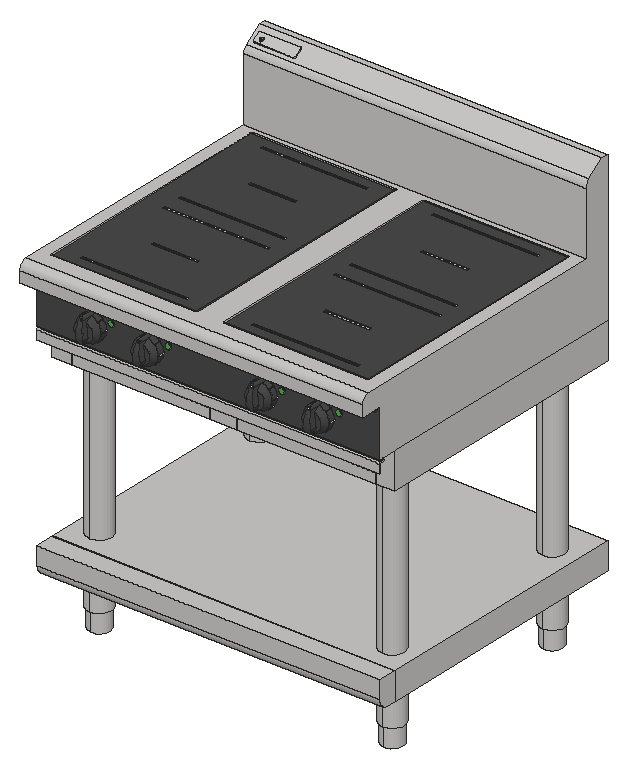
Revit family "QF_Moffat_INB8400R3-LS_Induction_Cooktop_cat", category Specialty Equipment, Revit 2019
Family settings
  Round Connector Dimension = Use Diameter
  Part Type = Normal
  Work Plane-Based = No
  Always vertical = Yes
  Cut with Voids When Loaded = No
  Shared = No
  Room Calculation Point = No
Parameters (values of type "INB8400R3-LS_415/60/3")
  Weight in Kilograms = 105
  Watts = 14000 W
  Volts = 415 V
  URL Cutsheet = ""
  Specification by User = ""
  Specification by Manufacturer = ""
  Show Logo [instance] = yes
  Serial Number = ""
  Seismic Rating = ""
  SMACNA No = ""
  Revision Code = ""
  Phase = 3
  Number of Poles = 1
  NAFEM Spec ID Number = ""
  Model = "INB8400R3-LS"
  Min Ckt Ampacity = 0 A
  Max Overcurrent Protection = 0 A
  Masterspec = ""
  Manufacturer = "Moffat"
  Length = 900 mm
  Item Number = ""
  Installed By = ""
  Identify Quantity as Lot = yes
  Height = 1130 mm
  HP = ""
  Furnished By = ""
  Foodservice Equipment Identifier = yes
  FL Amps = 20 A
  Electrical Remarks = ""
  Electric Connection Type = ""
  Elec Conn RI Height = 0 mm
  Elec Conn Connection Height = 0 mm
  Description = "Induction Cooktop"
  Depth = 805 mm
  Cycle = 60 Hz
  Conn Plug = ""
  Conn Conduit = yes
  CSI MasterFormat = ""
  Apparent Power = if(Phase = 3, Volts * FL Amps * 1.73, Volts * FL Amps)  # 14359 VA
Reference planes
  plane 1 "BACK": y = 0
  plane 2: z = 0
  plane 3 "LEFT": x = 0
  plane 4 "RIGHT": x = 900
  plane 5 "FRONT": y = -805
  plane 6 "TOP": z = 1130
  plane 7 "Center Y": x = 450
  plane 8 "Center X": y = -402.5
  plane 9: x = 65.5
  plane 10: x = 834.5
  plane 11: y = -30
  plane 12: z = 150
  plane 13: y = -100
  plane 14: y = -625
  plane 15: y = -70
  plane 16: z = 915
  plane 17: x = 770
Forms (mm)
  Extrusion 1, solid, material "QF_Metal_Stainless_Polished"
    sketch origin (0, 0, 560) x (0, 1, 0) y (0, 0, 1)
      loop
        line (0, 180) -> (0, 570) -> (-18.182, 570) -> (-60.863, 538.99)
        arc (-60.863, 538.99) -> (-67.584, 531.121) -> (-70, 521.058) r 22.165
        line (-70, 521.058) -> (-70, 355) -> (-784.417, 355)
        arc (-784.417, 355) -> (-798.971, 348.971) -> (-805, 334.417) r 20.583
        line (-805, 334.417) -> (-805, 305) -> (-749, 305) -> (-749, 180) -> (0, 180)
    from 0 to 900
  Extrusion 2, void
    sketch origin (0, -784.171, 915) x (0, 1, 0) y (-1, 0, 0)
      loop
        arc (699.341, -37.323) -> (697.584, -33.08) -> (693.341, -31.323) r 6
        line (693.341, -31.323) -> (45.245, -31.323)
        arc (45.245, -31.323) -> (41.002, -33.08) -> (39.245, -37.323) r 6
        line (39.245, -37.323) -> (39.245, -410.105)
        arc (39.245, -410.105) -> (41.002, -414.347) -> (45.245, -416.105) r 6
        line (45.245, -416.105) -> (693.341, -416.105)
        arc (693.341, -416.105) -> (697.584, -414.347) -> (699.341, -410.105) r 6
        line (699.341, -410.105) -> (699.341, -37.323)
      loop
        line (699.341, -862.677) -> (699.341, -489.895)
        arc (699.341, -489.895) -> (697.584, -485.653) -> (693.341, -483.895) r 6
        line (693.341, -483.895) -> (45.245, -483.895)
        arc (45.245, -483.895) -> (41.002, -485.653) -> (39.245, -489.895) r 6
        line (39.245, -489.895) -> (39.245, -862.677)
        arc (39.245, -862.677) -> (41.002, -866.92) -> (45.245, -868.677) r 6
        line (45.245, -868.677) -> (693.341, -868.677)
        arc (693.341, -868.677) -> (697.584, -866.92) -> (699.341, -862.677) r 6
    from 0 to -9.5
  Extrusion 3, solid, material "QF_Plastic_Black_Smooth"
    sketch origin (0, -784.171, 915) x (0, 1, 0) y (-1, 0, 0)
      loop
        line (695.341, -410.105) -> (695.341, -37.323)
        arc (695.341, -37.323) -> (694.755, -35.908) -> (693.341, -35.323) r 2
        line (693.341, -35.323) -> (45.245, -35.323)
        arc (45.245, -35.323) -> (43.831, -35.908) -> (43.245, -37.323) r 2
        line (43.245, -37.323) -> (43.245, -410.105)
        arc (43.245, -410.105) -> (43.831, -411.519) -> (45.245, -412.105) r 2
        line (45.245, -412.105) -> (693.341, -412.105)
        arc (693.341, -412.105) -> (694.755, -411.519) -> (695.341, -410.105) r 2
      loop
        line (667.194, -86.598) -> (661.194, -86.598) -> (661.194, -363.75) -> (667.194, -363.75) -> (667.194, -86.598)
      loop
        line (526.611, -163.924) -> (526.611, -283.924) -> (532.611, -283.924) -> (532.611, -163.924) -> (526.611, -163.924)
      loop
        line (398.444, -86.598) -> (392.444, -86.598) -> (392.444, -363.75) -> (398.444, -363.75) -> (398.444, -86.598)
      loop
        line (345.944, -86.598) -> (339.944, -86.598) -> (339.944, -363.75) -> (345.944, -363.75) -> (345.944, -86.598)
      loop
        line (206.611, -163.924) -> (206.611, -283.924) -> (212.611, -283.924) -> (212.611, -163.924) -> (206.611, -163.924)
      loop
        line (77.194, -86.598) -> (71.194, -86.598) -> (71.194, -363.75) -> (77.194, -363.75) -> (77.194, -86.598)
      loop
        arc (695.341, -489.895) -> (694.755, -488.481) -> (693.341, -487.895) r 2
        line (693.341, -487.895) -> (45.245, -487.895)
        arc (45.245, -487.895) -> (43.831, -488.481) -> (43.245, -489.895) r 2
        line (43.245, -489.895) -> (43.245, -862.677)
        arc (43.245, -862.677) -> (43.831, -864.092) -> (45.245, -864.677) r 2
        line (45.245, -864.677) -> (693.341, -864.677)
        arc (693.341, -864.677) -> (694.755, -864.092) -> (695.341, -862.677) r 2
        line (695.341, -862.677) -> (695.341, -489.895)
      loop
        line (667.194, -813.402) -> (667.194, -536.25) -> (661.194, -536.25) -> (661.194, -813.402) -> (667.194, -813.402)
      loop
        line (526.611, -736.076) -> (532.611, -736.076) -> (532.611, -616.076) -> (526.611, -616.076) -> (526.611, -736.076)
      loop
        line (398.444, -813.402) -> (398.444, -536.25) -> (392.444, -536.25) -> (392.444, -813.402) -> (398.444, -813.402)
      loop
        line (345.944, -813.402) -> (345.944, -536.25) -> (339.944, -536.25) -> (339.944, -813.402) -> (345.944, -813.402)
      loop
        line (206.611, -736.076) -> (212.611, -736.076) -> (212.611, -616.076) -> (206.611, -616.076) -> (206.611, -736.076)
      loop
        line (77.194, -813.402) -> (77.194, -536.25) -> (71.194, -536.25) -> (71.194, -813.402) -> (77.194, -813.402)
    from 0 to -9.5
  Extrusion 4, solid, material "QF_Metal_Stainless_Polished"
    sketch origin (0, 0, 600) x (0, 1, 0) y (0, 0, 1)
      loop
        line (-739.467, 140) -> (-738.192, 134.838)
        arc (-738.192, 134.838) -> (-738.307, 134.302) -> (-738.799, 134.063) r 0.625
        line (-738.799, 134.063) -> (-746.111, 134.063)
        arc (-746.111, 134.063) -> (-748.011, 133.276) -> (-748.797, 131.377) r 2.686
        line (-748.797, 131.377) -> (-748.797, 107.627) -> (-747.197, 107.627) -> (-747.197, 131.242)
        arc (-747.197, 131.242) -> (-746.84, 132.105) -> (-745.976, 132.463) r 1.221
        line (-745.976, 132.463) -> (-738.755, 132.463)
        arc (-738.755, 132.463) -> (-737.028, 133.304) -> (-736.625, 135.182) r 2.194
        line (-736.625, 135.182) -> (-737.815, 140) -> (-739.467, 140)
    from 0 to 900
  Extrusion 5, solid, material "QF_Plastic_Black_Smooth"
    sketch origin (0, -749, 741.875) x (0, 0, 1) y (-1, 0, 0)
      loop
        circle (112.843, -13.157) r 5
      loop
        circle (112.843, -886.843) r 5
    from 0 to 1.6
  Extrusion 6, solid, material "QF_Metal_Stainless_Polished"
    sketch origin (450, -699, 645) x (0, 1, 0) y (1, 0, 0)
      loop
        circle (669, 320) r 6.35
    from 0 to 10
  Extrusion 7, solid, material "QF_Metal_Stainless_Polished"
    sketch origin (0, -699, 645) x (1, 0, 0) y (0, -1, 0)
      loop
        line (0, -699) -> (900, -699) -> (900, 0) -> (849.2, 0) -> (849.2, -25.4) -> (485.8, -25.4) -> (485.8, 0) -> (414.2, 0) -> (414.2, -25.4) -> (50.8, -25.4) -> (50.8, 0) -> (0, 0) -> (0, -699)
    from 0 to -95
  Extrusion 8, solid, material "QF_Metal_Stainless_Polished"
    sketch origin (50.8, -30, 645) x (0, 1, 0) y (0, 0, 1)
      loop
        line (-669, 0) -> (-643.6, 0) -> (-643.6, 26.45) -> (-669, 26.45) -> (-669, 0)
      loop
        line (-669, 32.45) -> (-643.6, 32.45) -> (-643.6, 66.4) -> (-669, 66.4) -> (-669, 32.45)
      loop
        line (-669, 67.4) -> (-643.6, 67.4) -> (-643.6, 95) -> (-669, 95) -> (-669, 67.4)
    from 0 to 363.4
  Extrusion 9, solid, material "QF_Metal_Stainless_Polished"
    sketch origin (900, 0, 560) x (-1, 0, 0) y (0, -1, 0)
      loop
        line (536.25, 122.976) -> (536.25, 116.976) -> (813.402, 116.976) -> (813.402, 122.976) -> (536.25, 122.976)
      loop
        line (736.076, 251.56) -> (736.076, 257.56) -> (616.076, 257.56) -> (616.076, 251.56) -> (736.076, 251.56)
      loop
        line (813.402, 385.726) -> (813.402, 391.726) -> (536.25, 391.726) -> (536.25, 385.726) -> (813.402, 385.726)
      loop
        line (813.402, 438.226) -> (813.402, 444.226) -> (536.25, 444.226) -> (536.25, 438.226) -> (813.402, 438.226)
      loop
        line (736.076, 571.56) -> (736.076, 577.56) -> (616.076, 577.56) -> (616.076, 571.56) -> (736.076, 571.56)
      loop
        line (536.25, 712.976) -> (536.25, 706.976) -> (813.402, 706.976) -> (813.402, 712.976) -> (536.25, 712.976)
      loop
        line (363.75, 122.976) -> (86.598, 122.976) -> (86.598, 116.976) -> (363.75, 116.976) -> (363.75, 122.976)
      loop
        line (163.924, 251.56) -> (283.924, 251.56) -> (283.924, 257.56) -> (163.924, 257.56) -> (163.924, 251.56)
      loop
        line (86.598, 385.726) -> (363.75, 385.726) -> (363.75, 391.726) -> (86.598, 391.726) -> (86.598, 385.726)
      loop
        line (86.598, 438.226) -> (363.75, 438.226) -> (363.75, 444.226) -> (86.598, 444.226) -> (86.598, 438.226)
      loop
        line (163.924, 571.56) -> (283.924, 571.56) -> (283.924, 577.56) -> (163.924, 577.56) -> (163.924, 571.56)
      loop
        line (363.75, 712.976) -> (86.598, 712.976) -> (86.598, 706.976) -> (363.75, 706.976) -> (363.75, 712.976)
    from 355 to 345.5
  Extrusion 10, solid, material "QF_Paint_Green"
    sketch origin (63.231, -748.999, 713.75) x (0, 0, 1) y (-1, 0, 0)
      loop
        circle (100.3, -282.5) r 7.15
    from 0 to 1.6
  Extrusion 11, solid, material "QF_Plastic_Black_Smooth"
    sketch origin (75, -748.999, 725.625) x (0, 0, 1) y (-1, 0, 0)
      loop
        circle (112.843, -225) r 5
    from 0 to 1.6
  Extrusion 12, solid, material "QF_Paint_Green"
    sketch origin (-86.769, -748.999, 713.75) x (0, 0, 1) y (-1, 0, 0)
      loop
        circle (100.3, -282.5) r 7.15
    from 0 to 1.6
  Extrusion 13, solid, material "QF_Plastic_Black_Smooth"
    sketch origin (-75, -748.999, 725.625) x (0, 0, 1) y (-1, 0, 0)
      loop
        circle (112.843, -225) r 5
    from 0 to 1.6
  Extrusion 14, solid, material "QF_Paint_Green"
    sketch origin (511.981, -748.999, 713.75) x (0, 0, 1) y (-1, 0, 0)
      loop
        circle (100.3, -282.5) r 7.15
    from 0 to 1.6
  Extrusion 15, solid, material "QF_Plastic_Black_Smooth"
    sketch origin (523.75, -748.999, 725.625) x (0, 0, 1) y (-1, 0, 0)
      loop
        circle (112.843, -225) r 5
    from 0 to 1.6
  Extrusion 16, solid, material "QF_Paint_Green"
    sketch origin (361.981, -748.999, 713.75) x (0, 0, 1) y (-1, 0, 0)
      loop
        circle (100.3, -282.5) r 7.15
    from 0 to 1.6
  Extrusion 17, solid, material "QF_Plastic_Black_Smooth"
    sketch origin (373.75, -748.999, 725.625) x (0, 0, 1) y (-1, 0, 0)
      loop
        circle (112.843, -225) r 5
    from 0 to 1.6
  Extrusion 18, solid, material "QF_Metal_Stainless_Polished"
    sketch origin (849.2, -30, 645) x (0, 1, 0) y (0, 0, -1)
      loop
        line (-669, 0) -> (-669, -26.45) -> (-643.6, -26.45) -> (-643.6, 0) -> (-669, 0)
      loop
        line (-669, -32.45) -> (-669, -66.4) -> (-643.6, -66.4) -> (-643.6, -32.45) -> (-669, -32.45)
      loop
        line (-669, -67.4) -> (-669, -95) -> (-643.6, -95) -> (-643.6, -67.4) -> (-669, -67.4)
    from 0 to 363.4
Cuts and joins
  Extrusion 2 cuts Extrusion 1
Lines and regions (mm)
  symbolic lines
    curve 1: line (0, 0, 0) -> (900, 0, 0)
    curve 2: line (0, -805, 0) -> (0, 0, 0)
    curve 3: line (900, -805, 0) -> (0, -805, 0)
    curve 4: line (900, 0, 0) -> (900, -805, 0)
    curve 5: line (0, -18.182, 0) -> (900, -18.182, 0)
    curve 6: line (0, -70, 0) -> (450, -70, 0)
    curve 7: line (37.323, -84.83, 0) -> (410.105, -84.83, 0)
    curve 8: arc (410.105, -84.83, 0) -> (414.347, -86.587, 0) -> (416.105, -90.83, 0) r 6
    curve 9: line (416.105, -90.83, 0) -> (416.105, -738.926, 0)
    curve 10: arc (416.105, -738.926, 0) -> (414.347, -743.168, 0) -> (410.105, -744.926, 0) r 6
    curve 11: line (410.105, -744.926, 0) -> (37.323, -744.926, 0)
    curve 12: arc (37.323, -744.926, 0) -> (33.08, -743.168, 0) -> (31.323, -738.926, 0) r 6
    curve 13: line (31.323, -738.926, 0) -> (31.323, -90.83, 0)
    curve 14: arc (31.323, -90.83, 0) -> (33.08, -86.587, 0) -> (37.323, -84.83, 0) r 6
    curve 15: line (410.105, -88.83, 0) -> (37.323, -88.83, 0)
    curve 16: arc (37.323, -88.83, 0) -> (35.908, -89.415, 0) -> (35.323, -90.83, 0) r 2
    curve 17: line (35.323, -90.83, 0) -> (35.323, -738.926, 0)
    curve 18: arc (35.323, -738.926, 0) -> (35.908, -740.34, 0) -> (37.323, -740.926, 0) r 2
    curve 19: line (37.323, -740.926, 0) -> (410.105, -740.926, 0)
    curve 20: arc (410.105, -740.926, 0) -> (411.519, -740.34, 0) -> (412.105, -738.926, 0) r 2
    curve 21: line (412.105, -738.926, 0) -> (412.105, -90.83, 0)
    curve 22: arc (412.105, -90.83, 0) -> (411.519, -89.415, 0) -> (410.105, -88.83, 0) r 2
    curve 23: line (416.105, -738.926, 0) -> (416.105, -90.83, 0)
    curve 24: line (412.105, -90.83, 0) -> (412.105, -738.926, 0)
    curve 25: line (862.677, -84.83, 0) -> (489.895, -84.83, 0)
    curve 26: arc (489.895, -84.83, 0) -> (485.653, -86.587, 0) -> (483.895, -90.83, 0) r 6
    curve 27: arc (483.895, -738.926, 0) -> (485.653, -743.168, 0) -> (489.895, -744.926, 0) r 6
    curve 28: line (489.895, -744.926, 0) -> (862.677, -744.926, 0)
    curve 29: arc (862.677, -744.926, 0) -> (866.92, -743.168, 0) -> (868.677, -738.926, 0) r 6
    curve 30: line (868.677, -738.926, 0) -> (868.677, -90.83, 0)
    curve 31: arc (868.677, -90.83, 0) -> (866.92, -86.587, 0) -> (862.677, -84.83, 0) r 6
    curve 32: line (489.895, -88.83, 0) -> (862.677, -88.83, 0)
    curve 33: arc (862.677, -88.83, 0) -> (864.092, -89.415, 0) -> (864.677, -90.83, 0) r 2
    curve 34: line (864.677, -90.83, 0) -> (864.677, -738.926, 0)
    curve 35: arc (864.677, -738.926, 0) -> (864.092, -740.34, 0) -> (862.677, -740.926, 0) r 2
    curve 36: line (862.677, -740.926, 0) -> (489.895, -740.926, 0)
    curve 37: arc (489.895, -740.926, 0) -> (488.481, -740.34, 0) -> (487.895, -738.926, 0) r 2
    curve 38: arc (487.895, -90.83, 0) -> (488.481, -89.415, 0) -> (489.895, -88.83, 0) r 2
    curve 39: line (487.895, -90.83, 0) -> (487.895, -738.926, 0)
    curve 40: arc (487.895, -738.926, 0) -> (488.481, -740.34, 0) -> (489.895, -740.926, 0) r 2
    curve 41: line (489.895, -740.926, 0) -> (862.677, -740.926, 0)
    curve 42: arc (862.677, -740.926, 0) -> (864.092, -740.34, 0) -> (864.677, -738.926, 0) r 2
    curve 43: line (864.677, -738.926, 0) -> (864.677, -90.83, 0)
    curve 44: arc (864.677, -90.83, 0) -> (864.092, -89.415, 0) -> (862.677, -88.83, 0) r 2
    curve 45: line (862.677, -88.83, 0) -> (489.895, -88.83, 0)
    curve 46: arc (489.895, -88.83, 0) -> (488.481, -89.415, 0) -> (487.895, -90.83, 0) r 2
    curve 47: line (483.895, -90.83, 0) -> (483.895, -738.926, 0)
    curve 48: arc (483.895, -738.926, 0) -> (485.653, -743.168, 0) -> (489.895, -744.926, 0) r 6
    curve 49: line (489.895, -744.926, 0) -> (862.677, -744.926, 0)
    curve 50: arc (862.677, -744.926, 0) -> (866.92, -743.168, 0) -> (868.677, -738.926, 0) r 6
    curve 51: line (868.677, -738.926, 0) -> (868.677, -90.83, 0)
    curve 52: arc (868.677, -90.83, 0) -> (866.92, -86.587, 0) -> (862.677, -84.83, 0) r 6
    curve 53: line (862.677, -84.83, 0) -> (489.895, -84.83, 0)
    curve 54: arc (489.895, -84.83, 0) -> (485.653, -86.587, 0) -> (483.895, -90.83, 0) r 6
    curve 55: line (86.598, -122.976, 0) -> (363.75, -122.976, 0)
    curve 56: line (363.75, -122.976, 0) -> (363.75, -116.976, 0)
    curve 57: line (363.75, -116.976, 0) -> (86.598, -116.976, 0)
    curve 58: line (86.598, -116.976, 0) -> (86.598, -122.976, 0)
    curve 59: line (283.924, -251.56, 0) -> (163.924, -251.56, 0)
    curve 60: line (163.924, -251.56, 0) -> (163.924, -257.56, 0)
    curve 61: line (163.924, -257.56, 0) -> (283.924, -257.56, 0)
    curve 62: line (283.924, -257.56, 0) -> (283.924, -251.56, 0)
    curve 63: line (536.25, -122.976, 0) -> (813.402, -122.976, 0)
    curve 64: line (813.402, -122.976, 0) -> (813.402, -116.976, 0)
    curve 65: line (813.402, -116.976, 0) -> (536.25, -116.976, 0)
    curve 66: line (536.25, -116.976, 0) -> (536.25, -122.976, 0)
    curve 67: line (736.076, -251.56, 0) -> (616.076, -251.56, 0)
    curve 68: line (616.076, -251.56, 0) -> (616.076, -257.56, 0)
    curve 69: line (616.076, -257.56, 0) -> (736.076, -257.56, 0)
    curve 70: line (736.076, -257.56, 0) -> (736.076, -251.56, 0)
    curve 71: line (736.076, -571.56, 0) -> (616.076, -571.56, 0)
    curve 72: line (616.076, -571.56, 0) -> (616.076, -577.56, 0)
    curve 73: line (616.076, -577.56, 0) -> (736.076, -577.56, 0)
    curve 74: line (736.076, -577.56, 0) -> (736.076, -571.56, 0)
    curve 75: line (813.402, -706.976, 0) -> (536.25, -706.976, 0)
    curve 76: line (536.25, -706.976, 0) -> (536.25, -712.976, 0)
    curve 77: line (536.25, -712.976, 0) -> (813.402, -712.976, 0)
    curve 78: line (813.402, -712.976, 0) -> (813.402, -706.976, 0)
    curve 79: line (86.598, -712.976, 0) -> (363.75, -712.976, 0)
    curve 80: line (363.75, -712.976, 0) -> (363.75, -706.976, 0)
    curve 81: line (363.75, -706.976, 0) -> (86.598, -706.976, 0)
    curve 82: line (86.598, -706.976, 0) -> (86.598, -712.976, 0)
    curve 83: line (283.924, -577.56, 0) -> (163.924, -577.56, 0)
    curve 84: line (163.924, -577.56, 0) -> (163.924, -571.56, 0)
    curve 85: line (163.924, -571.56, 0) -> (283.924, -571.56, 0)
    curve 86: line (283.924, -571.56, 0) -> (283.924, -577.56, 0)
    curve 87: line (86.598, -444.226, 0) -> (363.75, -444.226, 0)
    curve 88: line (363.75, -444.226, 0) -> (363.75, -438.226, 0)
    curve 89: line (363.75, -438.226, 0) -> (86.598, -438.226, 0)
    curve 90: line (86.598, -438.226, 0) -> (86.598, -444.226, 0)
    curve 91: line (86.598, -391.726, 0) -> (363.75, -391.726, 0)
    curve 92: line (363.75, -391.726, 0) -> (363.75, -385.726, 0)
    curve 93: line (363.75, -385.726, 0) -> (86.598, -385.726, 0)
    curve 94: line (86.598, -385.726, 0) -> (86.598, -391.726, 0)
    curve 95: line (0, 0, 560) -> (900, 0, 560)
    curve 96: line (0, -805, 560) -> (0, 0, 560)
    curve 97: line (900, -805, 560) -> (0, -805, 560)
    curve 98: line (900, 0, 560) -> (900, -805, 560)
    curve 99: line (0, -18.182, 560) -> (900, -18.182, 560)
    curve 100: line (0, -70, 560) -> (900, -70, 560)
    curve 101: line (416.105, -90.83, 560) -> (416.105, -738.926, 560)
    curve 102: line (412.105, -738.926, 560) -> (412.105, -90.83, 560)
    curve 103: line (416.105, -738.926, 560) -> (416.105, -90.83, 560)
    curve 104: line (412.105, -90.83, 560) -> (412.105, -738.926, 560)
    curve 105: line (862.677, -84.83, 560) -> (489.895, -84.83, 560)
    curve 106: arc (483.895, -738.926, 560) -> (485.653, -743.168, 560) -> (489.895, -744.926, 560) r 6
    curve 107: line (489.895, -744.926, 560) -> (862.677, -744.926, 560)
    curve 108: arc (862.677, -744.926, 560) -> (866.92, -743.168, 560) -> (868.677, -738.926, 560) r 6
    curve 109: arc (864.677, -738.926, 560) -> (864.092, -740.34, 560) -> (862.677, -740.926, 560) r 2
    curve 110: line (862.677, -740.926, 560) -> (489.895, -740.926, 560)
    curve 111: arc (489.895, -740.926, 560) -> (488.481, -740.34, 560) -> (487.895, -738.926, 560) r 2
    curve 112: arc (487.895, -738.926, 560) -> (488.481, -740.34, 560) -> (489.895, -740.926, 560) r 2
    curve 113: line (489.895, -740.926, 560) -> (862.677, -740.926, 560)
    curve 114: arc (862.677, -740.926, 560) -> (864.092, -740.34, 560) -> (864.677, -738.926, 560) r 2
    curve 115: arc (483.895, -738.926, 560) -> (485.653, -743.168, 560) -> (489.895, -744.926, 560) r 6
    curve 116: line (489.895, -744.926, 560) -> (862.677, -744.926, 560)
    curve 117: arc (862.677, -744.926, 560) -> (866.92, -743.168, 560) -> (868.677, -738.926, 560) r 6
    curve 118: line (86.598, -122.976, 560) -> (363.75, -122.976, 560)
    curve 119: line (363.75, -122.976, 560) -> (363.75, -116.976, 560)
    curve 120: line (363.75, -116.976, 560) -> (86.598, -116.976, 560)
    curve 121: line (86.598, -116.976, 560) -> (86.598, -122.976, 560)
    curve 122: line (283.924, -251.56, 560) -> (163.924, -251.56, 560)
    curve 123: line (163.924, -251.56, 560) -> (163.924, -257.56, 560)
    curve 124: line (163.924, -257.56, 560) -> (283.924, -257.56, 560)
    curve 125: line (283.924, -257.56, 560) -> (283.924, -251.56, 560)
    curve 126: line (536.25, -122.976, 560) -> (813.402, -122.976, 560)
    curve 127: line (813.402, -122.976, 560) -> (813.402, -116.976, 560)
    curve 128: line (813.402, -116.976, 560) -> (536.25, -116.976, 560)
    curve 129: line (536.25, -116.976, 560) -> (536.25, -122.976, 560)
    curve 130: line (736.076, -251.56, 560) -> (616.076, -251.56, 560)
    curve 131: line (616.076, -251.56, 560) -> (616.076, -257.56, 560)
    curve 132: line (616.076, -257.56, 560) -> (736.076, -257.56, 560)
    curve 133: line (736.076, -257.56, 560) -> (736.076, -251.56, 560)
    curve 134: line (736.076, -571.56, 560) -> (616.076, -571.56, 560)
    curve 135: line (616.076, -571.56, 560) -> (616.076, -577.56, 560)
    curve 136: line (616.076, -577.56, 560) -> (736.076, -577.56, 560)
    curve 137: line (736.076, -577.56, 560) -> (736.076, -571.56, 560)
    curve 138: line (813.402, -706.976, 560) -> (536.25, -706.976, 560)
    curve 139: line (536.25, -706.976, 560) -> (536.25, -712.976, 560)
    curve 140: line (536.25, -712.976, 560) -> (813.402, -712.976, 560)
    curve 141: line (813.402, -712.976, 560) -> (813.402, -706.976, 560)
    curve 142: line (86.598, -712.976, 560) -> (363.75, -712.976, 560)
    curve 143: line (363.75, -712.976, 560) -> (363.75, -706.976, 560)
    curve 144: line (363.75, -706.976, 560) -> (86.598, -706.976, 560)
    curve 145: line (86.598, -706.976, 560) -> (86.598, -712.976, 560)
    curve 146: line (283.924, -577.56, 560) -> (163.924, -577.56, 560)
    curve 147: line (163.924, -577.56, 560) -> (163.924, -571.56, 560)
    curve 148: line (163.924, -571.56, 560) -> (283.924, -571.56, 560)
    curve 149: line (283.924, -571.56, 560) -> (283.924, -577.56, 560)
    curve 150: line (86.598, -444.226, 560) -> (363.75, -444.226, 560)
    curve 151: line (363.75, -444.226, 560) -> (363.75, -438.226, 560)
    curve 152: line (363.75, -438.226, 560) -> (86.598, -438.226, 560)
    curve 153: line (86.598, -438.226, 560) -> (86.598, -444.226, 560)
    curve 154: line (86.598, -391.726, 560) -> (363.75, -391.726, 560)
    curve 155: line (363.75, -391.726, 560) -> (363.75, -385.726, 560)
    curve 156: line (363.75, -385.726, 560) -> (86.598, -385.726, 560)
    curve 157: line (86.598, -385.726, 560) -> (86.598, -391.726, 560)
    curve 158: line (536.25, -391.726, 560) -> (813.402, -391.726, 560)
    curve 159: line (813.402, -391.726, 560) -> (813.402, -385.726, 560)
    curve 160: line (813.402, -385.726, 560) -> (536.25, -385.726, 560)
    curve 161: line (536.25, -385.726, 560) -> (536.25, -391.726, 560)
    curve 162: line (536.25, -444.226, 560) -> (813.402, -444.226, 560)
    curve 163: line (813.402, -444.226, 560) -> (813.402, -438.226, 560)
    curve 164: line (813.402, -438.226, 560) -> (536.25, -438.226, 560)
    curve 165: line (536.25, -438.226, 560) -> (536.25, -444.226, 560)
Dimensions and locks
  equal spacing: plane 3 "LEFT", plane 7 "Center Y", plane 4 "RIGHT"
  "Length": plane 3 "LEFT" to plane 4 "RIGHT"
  equal spacing: plane 5 "FRONT", plane 8 "Center X", plane 1 "BACK"
  "Depth": plane 5 "FRONT" to plane 1 "BACK"
  "Height": plane 6 "TOP" to level
  plane 9 to plane 10 = 769 mm
  plane 4 "RIGHT" to plane 3 "LEFT" = 900 mm
  plane 6 "TOP" to plane 2 = 1130 mm
  plane 1 "BACK" to plane 11 = 30 mm
  plane 1 "BACK" to plane 13 to plane 14 = 100 mm, 525 mm
  plane 1 "BACK" to plane 15 = 70 mm
  plane 16 to level = 915 mm  (x2)
  level to plane 12 = 150 mm
  plane 12 to level = 150 mm
  plane 4 "RIGHT" to plane 17 = 130 mm
  plane 1 "BACK" to plane 5 "FRONT" = 805 mm
  locked: plane 10 to plane 4 "RIGHT" at 65.5
  aligned and locked: level to plane 2
  aligned and locked: plane 7 "Center Y" to nested 1
  aligned and locked: plane 8 "Center X" to nested 1
  aligned and locked: Extrusion 18 to Extrusion 7  (x2)
Automatic sketch dimensions
  Extrusion 1 sketch curve to plane 5 "FRONT" = 0 mm
  Extrusion 1 sketch curve to plane 16 = 0 mm
  Extrusion 1 sketch curve to plane 15 = 0 mm
  Extrusion 1 sketch curve to plane 6 "TOP" = 0 mm
  Extrusion 1 sketch curve to plane 1 "BACK" = 0 mm
  Extrusion 1 sketch curve to plane 5 "FRONT" = 20.583 mm
  Extrusion 1 sketch curve to plane 5 "FRONT" = 56 mm
  Extrusion 1 sketch curve to plane 15 = 9.137 mm
  plane 11 to Extrusion 1 sketch curve = 17.835 mm
  Extrusion 1 sketch curve to plane 11 = 11.818 mm
  Extrusion 1 sketch curve to Extrusion 1 sketch curve = 29.417 mm
  Extrusion 1 sketch curve to plane 16 = 175 mm
  Extrusion 1 sketch curve to plane 6 "TOP" = 48.942 mm
  Extrusion 2 sketch curve to Extrusion 1 = 39.492 mm  (x2)
  Extrusion 2 sketch curve to Extrusion 2 sketch curve = 6 mm  (x6)
  Extrusion 1 to Extrusion 2 sketch curve = 20.83 mm  (x4)
  Extrusion 1 to Extrusion 2 sketch curve = 31.323 mm
  Extrusion 2 sketch curve to Extrusion 2 sketch curve = 372.782 mm
  Extrusion 2 sketch curve to Extrusion 2 sketch curve = 67.791 mm
  Extrusion 1 to Extrusion 2 sketch curve = 37.323 mm
  Extrusion 4 sketch curve to plane 5 "FRONT" = 56.203 mm
  Extrusion 4 sketch curve to Extrusion 4 sketch curve = 1.6 mm
  Extrusion 4 sketch curve to Extrusion 4 sketch curve = 1.086 mm
  Extrusion 4 sketch curve to Extrusion 4 sketch curve = 0.135 mm  (x2)
  Extrusion 4 sketch curve to Extrusion 4 sketch curve = 6.644 mm
  Extrusion 4 sketch curve to Extrusion 4 sketch curve = 0.668 mm
  Extrusion 4 sketch curve to Extrusion 4 sketch curve = 0.044 mm
  Extrusion 4 sketch curve to Extrusion 4 sketch curve = 0.563 mm
  Extrusion 4 sketch curve to Extrusion 4 sketch curve = 1.652 mm
  Extrusion 4 sketch curve to Extrusion 4 sketch curve = 1.567 mm
  Extrusion 4 sketch curve to plane 16 = 207.373 mm
  Extrusion 4 sketch curve to Extrusion 4 sketch curve = 23.614 mm
  Extrusion 4 sketch curve to Extrusion 4 sketch curve = 0.594 mm
  Extrusion 4 sketch curve to Extrusion 4 sketch curve = 0.032 mm
  Extrusion 4 sketch curve to Extrusion 4 sketch curve = 5.162 mm
  Extrusion 1 to Extrusion 5 sketch curve = 10.282 mm  (x2)
  Extrusion 1 to Extrusion 5 sketch curve = 13.157 mm  (x2)
  Extrusion 12 sketch curve to plane 16 = 100.95 mm
  Extrusion 12 sketch curve to plane 9 = 130.231 mm
  Extrusion 13 sketch curve to plane 16 = 76.532 mm
  Extrusion 13 sketch curve to plane 9 = 84.5 mm
  plane 17 to Extrusion 14 sketch curve = 24.481 mm
  Extrusion 14 sketch curve to plane 16 = 100.95 mm
  Extrusion 15 sketch curve to plane 17 = 21.25 mm
  Extrusion 15 sketch curve to plane 16 = 76.532 mm
  Extrusion 16 sketch curve to plane 16 = 100.95 mm
  Extrusion 16 sketch curve to plane 17 = 125.519 mm
  plane 14 to Extrusion 18 sketch curve = 74 mm
  Extrusion 18 sketch curve to Extrusion 18 sketch curve = 0 mm  (x4)
  Extrusion 18 sketch curve to Extrusion 18 sketch curve = 25.4 mm
  Extrusion 18 sketch curve to plane 16 = 175 mm
  Extrusion 18 sketch curve to Extrusion 18 sketch curve = 27.6 mm
  Extrusion 18 sketch curve to Extrusion 18 sketch curve = 1 mm
  Extrusion 18 sketch curve to Extrusion 18 sketch curve = 33.95 mm
  Extrusion 18 sketch curve to Extrusion 18 sketch curve = 6 mm
  Extrusion 18 sketch curve to Extrusion 18 sketch curve = 26.45 mm
  Extrusion 3 sketch curve to Extrusion 1 = 43.492 mm  (x2)
  Extrusion 3 sketch curve to Extrusion 3 sketch curve = 2 mm  (x6)
  Extrusion 3 sketch curve to Extrusion 3 sketch curve = 25.949 mm  (x2)
  Extrusion 3 sketch curve to Extrusion 3 sketch curve = 6 mm  (x12)
  Extrusion 3 sketch curve to Extrusion 3 sketch curve = 129.416 mm  (x2)
  Extrusion 3 sketch curve to Extrusion 3 sketch curve = 127.334 mm  (x2)
  Extrusion 3 sketch curve to Extrusion 3 sketch curve = 46.5 mm  (x2)
  Extrusion 3 sketch curve to Extrusion 3 sketch curve = 128.166 mm  (x2)
  Extrusion 1 to Extrusion 3 sketch curve = 52.976 mm  (x2)
  Extrusion 1 to Extrusion 3 sketch curve = 20.83 mm  (x4)
  Extrusion 1 to Extrusion 3 sketch curve = 35.323 mm
  Extrusion 3 sketch curve to Extrusion 3 sketch curve = 49.275 mm  (x2)
  Extrusion 1 to Extrusion 3 sketch curve = 86.598 mm  (x4)
  Extrusion 3 sketch curve to Extrusion 3 sketch curve = 0 mm  (x4)
  Extrusion 3 sketch curve to Extrusion 3 sketch curve = 77.326 mm  (x2)
  Extrusion 3 sketch curve to Extrusion 3 sketch curve = 120 mm  (x4)
  Extrusion 3 sketch curve to Extrusion 3 sketch curve = 79.826 mm  (x5)
  Extrusion 3 sketch curve to Extrusion 3 sketch curve = 46.355 mm  (x3)
  Extrusion 3 sketch curve to Extrusion 3 sketch curve = 75.791 mm
  Extrusion 3 sketch curve to Extrusion 3 sketch curve = 172.5 mm
  Extrusion 1 to Extrusion 3 sketch curve = 37.323 mm
  curve 8 to curve 22 = 0 mm  (x2)
  curve 10 to curve 20 = 0 mm  (x2)
  curve 12 to curve 18 = 0 mm  (x2)
  curve 14 to curve 16 = 0 mm  (x2)
  curve 26 to curve 38 = 0 mm  (x2)
  curve 26 to curve 46 = 0 mm  (x2)
  curve 26 to curve 54 = 0 mm  (x2)
  curve 27 to curve 37 = 0 mm  (x2)
  curve 27 to curve 40 = 0 mm  (x2)
  curve 27 to curve 48 = 0 mm  (x2)
  curve 29 to curve 35 = 0 mm  (x2)
  curve 29 to curve 42 = 0 mm  (x2)
  curve 29 to curve 50 = 0 mm  (x2)
  curve 31 to curve 33 = 0 mm  (x2)
  curve 31 to curve 44 = 0 mm  (x2)
  curve 31 to curve 52 = 0 mm  (x2)
  curve 33 to curve 44 = 0 mm  (x2)
  curve 33 to curve 52 = 0 mm  (x2)
  curve 35 to curve 42 = 0 mm  (x2)
  curve 35 to curve 50 = 0 mm  (x2)
  curve 37 to curve 40 = 0 mm  (x2)
  curve 37 to curve 48 = 0 mm  (x2)
  curve 38 to curve 46 = 0 mm  (x2)
  curve 38 to curve 54 = 0 mm  (x2)
  curve 40 to curve 48 = 0 mm  (x2)
  curve 42 to curve 50 = 0 mm  (x2)
  curve 44 to curve 52 = 0 mm  (x2)
  curve 46 to curve 54 = 0 mm  (x2)
  plane 1 "BACK" to curve 1 = 0 mm
  curve 1 to plane 3 "LEFT" = 0 mm
  curve 6 to plane 7 "Center Y" = 0 mm
  curve 5 to plane 4 "RIGHT" = 0 mm
  plane 5 "FRONT" to curve 3 = 0 mm
  plane 15 to curve 6 = 0 mm
  plane 3 "LEFT" to curve 13 = 31.323 mm
  curve 13 to curve 17 = 4 mm
  curve 17 to curve 16 = 2 mm
  curve 17 to curve 18 = 2 mm
  curve 94 to plane 9 = 21.098 mm
  curve 57 to plane 9 = 21.098 mm
  curve 79 to plane 9 = 21.098 mm
  curve 87 to plane 9 = 21.098 mm
  curve 83 to plane 14 = 47.44 mm
  curve 83 to plane 9 = 98.424 mm
  curve 59 to plane 9 = 98.424 mm
  curve 60 to curve 61 = 120 mm
  curve 85 to plane 14 = 53.44 mm
  curve 84 to curve 85 = 120 mm
  curve 79 to plane 7 "Center Y" = 86.25 mm
  curve 88 to plane 8 "Center X" = 41.726 mm
  curve 88 to plane 7 "Center Y" = 86.25 mm
  plane 13 to curve 57 = 16.976 mm
  curve 57 to plane 7 "Center Y" = 86.25 mm
  plane 8 "Center X" to curve 93 = 16.774 mm
  curve 93 to curve 88 = 0 mm
  curve 10 to plane 7 "Center Y" = 39.895 mm
  curve 22 to plane 13 = 9.17 mm
  curve 22 to plane 7 "Center Y" = 39.895 mm
  curve 10 to curve 21 = 2 mm
  plane 7 "Center Y" to curve 47 = 33.895 mm
  curve 54 to curve 39 = 4 mm
  curve 38 to curve 45 = 2 mm
  curve 37 to curve 40 = 2 mm
  curve 27 to curve 77 = 46.355 mm
  plane 13 to curve 65 = 16.976 mm
  curve 38 to curve 65 = 46.355 mm
  curve 72 to plane 14 = 53.44 mm
  curve 72 to plane 17 = 153.924 mm
  curve 63 to curve 68 = 79.826 mm
  curve 70 to plane 17 = 33.924 mm
  curve 73 to plane 17 = 33.924 mm
  plane 10 to curve 65 = 21.098 mm
  plane 10 to curve 78 = 21.098 mm
  curve 33 to plane 13 = 9.17 mm
  curve 33 to plane 10 = 28.177 mm
  curve 50 to plane 10 = 28.177 mm
  curve 31 to curve 34 = 2 mm
  curve 28 to plane 5 "FRONT" = 60.074 mm
  curve 11 to plane 5 "FRONT" = 60.074 mm
  curve 29 to curve 77 = 25.949 mm
  curve 10 to curve 80 = 25.949 mm
  curve 79 to curve 82 = 6 mm
  curve 77 to curve 75 = 6 mm
  curve 73 to curve 71 = 6 mm
  curve 87 to curve 90 = 6 mm
  curve 92 to curve 92 = 6 mm
  plane 8 "Center X" to curve 68 = 144.94 mm
  plane 8 "Center X" to curve 61 = 144.94 mm
  curve 69 to curve 67 = 6 mm
  curve 61 to curve 62 = 6 mm
  curve 64 to curve 64 = 6 mm
  curve 55 to curve 57 = 6 mm
  curve 5 to plane 11 = 11.818 mm
  plane 8 "Center X" to curve 158 = 10.774 mm
  plane 7 "Center Y" to curve 158 = 86.25 mm
  curve 165 to curve 158 = 0 mm
  plane 10 to curve 159 = 21.098 mm
  plane 10 to curve 162 = 21.098 mm
  curve 163 to plane 8 "Center X" = 35.726 mm
  curve 165 to curve 164 = 6 mm
  curve 158 to curve 161 = 6 mm
  Extrusion 7 to Extrusion 6 sketch curve = 30 mm
  Extrusion 6 sketch curve to Extrusion 7 = 79.2 mm
  Extrusion 7 sketch curve to plane 3 "LEFT" = 0 mm
  Extrusion 7 sketch curve to plane 4 "RIGHT" = 0 mm
  plane 1 "BACK" to Extrusion 7 sketch curve = 0 mm
  plane 9 to Extrusion 7 sketch curve = 14.7 mm
  Extrusion 7 sketch curve to plane 7 "Center Y" = 35.8 mm
  plane 7 "Center Y" to Extrusion 7 sketch curve = 35.8 mm
  Extrusion 7 sketch curve to plane 10 = 14.7 mm
  plane 14 to Extrusion 7 sketch curve = 48.6 mm  (x2)
  Extrusion 7 sketch curve to Extrusion 7 sketch curve = 25.4 mm  (x3)
  Extrusion 8 sketch curve to Extrusion 7 = 0 mm  (x8)
  Extrusion 7 to Extrusion 8 sketch curve = 26.45 mm
  Extrusion 8 sketch curve to Extrusion 8 sketch curve = 6 mm
  Extrusion 7 to Extrusion 8 sketch curve = 28.6 mm
  Extrusion 8 sketch curve to Extrusion 8 sketch curve = 1 mm
  Extrusion 9 sketch curve to plane 10 = 21.098 mm  (x4)
  plane 17 to Extrusion 9 sketch curve = 33.924 mm  (x2)
  plane 14 to Extrusion 9 sketch curve = 47.44 mm
  Extrusion 9 sketch curve to Extrusion 9 sketch curve = 120 mm  (x2)
  plane 8 "Center X" to Extrusion 9 sketch curve = 41.726 mm  (x2)
  Extrusion 9 sketch curve to plane 7 "Center Y" = 86.25 mm  (x3)
  Extrusion 9 sketch curve to plane 8 "Center X" = 16.774 mm  (x2)
  Extrusion 9 sketch curve to Extrusion 9 sketch curve = 0 mm  (x2)
  Extrusion 9 sketch curve to plane 13 = 22.976 mm
  plane 7 "Center Y" to Extrusion 9 sketch curve = 86.25 mm  (x3)
  Extrusion 9 sketch curve to plane 13 = 16.976 mm
  plane 14 to Extrusion 9 sketch curve = 53.44 mm
  Extrusion 9 sketch curve to Extrusion 9 sketch curve = 79.826 mm  (x2)
  plane 9 to Extrusion 9 sketch curve = 98.424 mm  (x2)
  plane 9 to Extrusion 9 sketch curve = 21.098 mm  (x4)
  Extrusion 9 sketch curve to plane 14 = 81.976 mm  (x2)
  Extrusion 9 sketch curve to Extrusion 9 sketch curve = 6 mm  (x12)
  Extrusion 9 sketch curve to plane 8 "Center X" = 144.94 mm  (x2)
  Extrusion 10 sketch curve to plane 16 = 100.95 mm
  Extrusion 10 sketch curve to plane 7 "Center Y" = 104.269 mm
  Extrusion 11 sketch curve to plane 16 = 76.532 mm
  Extrusion 11 sketch curve to plane 7 "Center Y" = 150 mm
  Extrusion 17 sketch curve to plane 16 = 76.532 mm
  plane 7 "Center Y" to Extrusion 17 sketch curve = 148.75 mm
  curve 106 to curve 111 = 0 mm  (x2)
  curve 106 to curve 112 = 0 mm  (x2)
  curve 106 to curve 115 = 0 mm  (x2)
  curve 108 to curve 109 = 0 mm  (x2)
  curve 108 to curve 114 = 0 mm  (x2)
  curve 108 to curve 117 = 0 mm  (x2)
  curve 109 to curve 114 = 0 mm  (x2)
  curve 109 to curve 117 = 0 mm  (x2)
  curve 111 to curve 112 = 0 mm  (x2)
  curve 111 to curve 115 = 0 mm  (x2)
  curve 112 to curve 115 = 0 mm  (x2)
  curve 114 to curve 117 = 0 mm  (x2)
  plane 1 "BACK" to curve 95 = 0 mm
  curve 95 to plane 3 "LEFT" = 0 mm
  curve 98 to plane 4 "RIGHT" = 0 mm
  plane 5 "FRONT" to curve 97 = 0 mm
  plane 15 to curve 100 = 0 mm
  curve 153 to plane 9 = 21.098 mm
  curve 157 to plane 9 = 21.098 mm
  curve 145 to plane 9 = 21.098 mm
  curve 121 to plane 9 = 21.098 mm
  curve 148 to plane 9 = 98.424 mm
  curve 124 to plane 9 = 98.424 mm
  curve 123 to curve 125 = 120 mm
  curve 146 to plane 14 = 47.44 mm
  curve 146 to curve 146 = 120 mm
  plane 13 to curve 120 = 16.976 mm
  curve 120 to plane 7 "Center Y" = 86.25 mm
  curve 142 to plane 7 "Center Y" = 86.25 mm
  curve 152 to plane 8 "Center X" = 35.726 mm
  curve 152 to plane 7 "Center Y" = 86.25 mm
  plane 8 "Center X" to curve 154 = 10.774 mm
  curve 154 to curve 151 = 0 mm
  curve 104 to plane 7 "Center Y" = 37.895 mm
  curve 102 to curve 101 = 4 mm
  plane 7 "Center Y" to curve 107 = 39.895 mm
  plane 13 to curve 129 = 22.976 mm
  plane 7 "Center Y" to curve 129 = 86.25 mm
  curve 106 to curve 138 = 46.355 mm
  curve 135 to plane 14 = 53.44 mm
  curve 135 to plane 17 = 153.924 mm
  curve 126 to curve 130 = 79.826 mm
  curve 137 to plane 17 = 33.924 mm
  curve 133 to plane 17 = 33.924 mm
  plane 10 to curve 141 = 21.098 mm
  plane 10 to curve 128 = 21.098 mm
  curve 109 to plane 10 = 28.177 mm
  curve 116 to plane 5 "FRONT" = 60.074 mm
  curve 106 to curve 110 = 4 mm
  curve 110 to curve 117 = 2 mm
  curve 110 to curve 106 = 2 mm
  curve 104 to plane 5 "FRONT" = 66.074 mm
  curve 102 to curve 103 = 0 mm  (x2)
  curve 108 to curve 140 = 25.949 mm
  curve 102 to curve 143 = 25.949 mm
  curve 139 to curve 138 = 6 mm
  curve 142 to curve 144 = 6 mm
  curve 136 to curve 134 = 6 mm
  curve 146 to curve 148 = 6 mm
  curve 151 to curve 151 = 6 mm
  curve 154 to curve 157 = 6 mm
  plane 8 "Center X" to curve 132 = 144.94 mm
  plane 8 "Center X" to curve 125 = 144.94 mm
  curve 132 to curve 133 = 6 mm
  curve 124 to curve 122 = 6 mm
  curve 121 to curve 120 = 6 mm
  curve 126 to curve 128 = 6 mm
  curve 102 to plane 13 = 9.17 mm
  plane 15 to curve 105 = 14.83 mm
  plane 7 "Center Y" to curve 105 = 39.895 mm
  curve 105 to plane 10 = 28.177 mm
  curve 99 to plane 11 = 11.818 mm
  radius of Extrusion 5 sketch curve = 5 mm  (x2)
  radius of Extrusion 12 sketch curve = 7.15 mm
  radius of Extrusion 13 sketch curve = 5 mm
  radius of Extrusion 14 sketch curve = 7.15 mm
  radius of Extrusion 15 sketch curve = 5 mm
  radius of Extrusion 16 sketch curve = 7.15 mm
  radius of Extrusion 6 sketch curve = 6.35 mm
  radius of Extrusion 10 sketch curve = 7.15 mm
  radius of Extrusion 11 sketch curve = 5 mm
  radius of Extrusion 17 sketch curve = 5 mm
Nested families
  nested 1: "IN8400-LS_Leg Stand" at (0, 0, 0), type "IN511F-LS"
  nested 2: "QF_LOGO_Waldorf" at (12, -52.35, 1105.175), visible <- "Show Logo", type "QF_LOGO_Waldorf"
  nested 3: "Knob" at (267.5, -739.499, 760.75), type "Knob"
  nested 4: "Knob" at (117.5, -739.499, 760.75), type "Knob"
  nested 5: "Knob" at (716.25, -739.499, 760.75), type "Knob"
  nested 6: "Knob" at (566.25, -739.499, 760.75), type "Knob"
Connectors
  electrical at (770, -30, 635), driven by "Volts", driven by "Watts"
    settings: on Extrusion 6, index 5, voltage 415 V, apparent load 14000 VA, apparent load phase1 0 VA, apparent load phase2 0 VA, apparent load phase3 0 VA, power factor 1, load classification "Other", number of poles 1, system type 30, power factor state 1, is connector primary yes, connector utility no, sub classification motor no, connector description "ELEECTRICAL CONNECTION"
Definition of nested family "IN8400-LS_Leg Stand"
  Parameters (values of type "IN511F-LS")
    Model = ""
    Manufacturer = ""
    Description = ""
  Reference planes
    plane 1 "BACK": y = 0
    plane 2: z = 0
    plane 3 "LEFT": x = 0
    plane 4 "RIGHT": x = 900
    plane 5 "FRONT": y = -805
    plane 6 "TOP": z = 1130
    plane 7 "Center Y": x = 450
    plane 8 "Center X": y = -402.5
    plane 9: x = 65.5
    plane 10: x = 834.5
    plane 11: z = 635
    plane 12: y = -100
    plane 13: y = -625
    plane 14: z = 150
    plane 15: z = 645
  Forms (mm)
    Revolve 1, solid
      sketch origin (65.5, -4572, 255.2) x (0, 0, -1) y (0, -1, 0)
        loop
          line (255.2, -3974.5) -> (255.2, -3947) -> (-389.8, -3947) -> (-389.8, -3978.75) -> (205.2, -3978.75) -> (205.2, -3974.5) -> (255.2, -3974.5)
        axis (-389.8, -3947) -> (255.2, -3947)
      angle from 0 to 360
    Revolve 2, solid
      sketch origin (834.5, -4572, 255.2) x (0, 0, -1) y (0, 1, 0)
        loop
          line (255.2, 3974.5) -> (205.2, 3974.5) -> (205.2, 3978.75) -> (-389.8, 3978.75) -> (-389.8, 3947) -> (255.2, 3947) -> (255.2, 3974.5)
        axis (-389.8, 3947) -> (255.2, 3947)
      angle from 0 to 360
    Extrusion 3, solid
      sketch origin (0, 0, 0) x (0, 1, 0) y (0, 0, 1)
        loop
          line (-747.95, 222.5) -> (-747.95, 175)
          arc (-747.95, 175) -> (-740.628, 157.322) -> (-722.95, 150) r 25
          line (-722.95, 150) -> (-697.95, 150) -> (-697.95, 222.5) -> (-747.95, 222.5)
      from 0 to 900
    Extrusion 4, solid
      sketch origin (0, 0, 0) x (0, 1, 0) y (0, 0, 1)
        loop
          line (-697.95, 222.5) -> (-697.95, 150) -> (0, 150) -> (0, 222.5) -> (-697.95, 222.5)
      from 0 to 900
    Revolve 5, solid
      sketch origin (65.5, -4047, 255.2) x (0, 0, -1) y (0, -1, 0)
        loop
          line (255.2, -3974.5) -> (255.2, -3947) -> (-389.8, -3947) -> (-389.8, -3978.75) -> (205.2, -3978.75) -> (205.2, -3974.5) -> (255.2, -3974.5)
        axis (-389.8, -3947) -> (255.2, -3947)
      angle from 0 to 360
    Revolve 6, solid
      sketch origin (834.5, -4047, 255.2) x (0, 0, -1) y (0, 1, 0)
        loop
          line (255.2, 3974.5) -> (205.2, 3974.5) -> (205.2, 3978.75) -> (-389.8, 3978.75) -> (-389.8, 3947) -> (255.2, 3947) -> (255.2, 3974.5)
        axis (-389.8, 3947) -> (255.2, 3947)
      angle from 0 to 360
  Cuts and joins
    joined: Revolve 1, Revolve 2, Extrusion 4, Revolve 5, Revolve 6
  Dimensions and locks
    equal spacing: plane 3 "LEFT", plane 7 "Center Y", plane 4 "RIGHT"
    plane 3 "LEFT" to plane 4 "RIGHT" = 900 mm
    equal spacing: plane 5 "FRONT", plane 8 "Center X", plane 1 "BACK"
    plane 5 "FRONT" to plane 1 "BACK" = 805 mm
    plane 6 "TOP" to level = 1130 mm
    plane 9 to plane 10 = 769 mm
    plane 4 "RIGHT" to plane 3 "LEFT" = 900 mm
    plane 1 "BACK" to plane 5 "FRONT" = 805 mm
    plane 6 "TOP" to plane 2 = 1130 mm
    plane 1 "BACK" to plane 12 to plane 13 = 100 mm, 525 mm
    plane 2 to plane 11 = 635 mm
    plane 14 to plane 2 = 150 mm
    plane 10 to plane 4 "RIGHT" = 65.5 mm
    equal spacing: plane 4 "RIGHT", plane 7 "Center Y", plane 3 "LEFT"
    locked: plane 10 to plane 4 "RIGHT" at 65.5
    aligned and locked: level to plane 2
    aligned and locked: cut or joined group of Revolve 1, Revolve 2, Extrusion 4, Revolve 5, Revolve 6 to plane 15  (x2)
    aligned and locked: plane 15 to cut or joined group of Revolve 1, Revolve 2, Extrusion 4, Revolve 5, Revolve 6  (x2)
    aligned and locked: Extrusion 3 to plane 4 "RIGHT"
    aligned and locked: cut or joined group of Revolve 1, Revolve 2, Extrusion 4, Revolve 5, Revolve 6 to plane 4 "RIGHT"
    aligned and locked: plane 10 to cut or joined group of Revolve 1, Revolve 2, Extrusion 4, Revolve 5, Revolve 6  (x2)
  Automatic sketch dimensions
    Revolve 1 sketch curve to plane 13 = 0 mm  (x2)
    Revolve 1 sketch curve to level = 0 mm  (x2)
    level to Revolve 1 sketch curve = 50 mm
    Revolve 1 sketch curve to plane 11 = 10 mm
    Revolve 1 sketch curve to Revolve 1 sketch curve = 27.5 mm
    Revolve 1 sketch curve to Revolve 1 sketch curve = 31.75 mm
    Revolve 1 sketch curve to Revolve 1 sketch curve = 25 mm
    Revolve 2 sketch curve to plane 13 = 0 mm  (x2)
    Revolve 2 sketch curve to level = 0 mm  (x2)
    level to Revolve 2 sketch curve = 50 mm
    Revolve 2 sketch curve to plane 11 = 10 mm
    Revolve 2 sketch curve to plane 13 = 27.5 mm
    Revolve 2 sketch curve to Revolve 2 sketch curve = 4.25 mm
    Revolve 2 sketch curve to Revolve 2 sketch curve = 25 mm
    Extrusion 3 sketch curve to plane 14 = 0 mm
    Extrusion 3 sketch curve to plane 5 "FRONT" = 57.05 mm
    Extrusion 3 sketch curve to Extrusion 3 sketch curve = 25 mm  (x2)
    Extrusion 3 sketch curve to Extrusion 3 sketch curve = 47.5 mm
    Extrusion 4 sketch curve to plane 14 = 0 mm
    Extrusion 4 sketch curve to plane 1 "BACK" = 0 mm
    plane 13 to Extrusion 4 sketch curve = 72.95 mm
    Extrusion 4 sketch curve to Extrusion 4 sketch curve = 72.5 mm
    Revolve 5 sketch curve to plane 12 = 0 mm  (x2)
    Revolve 5 sketch curve to level = 0 mm  (x2)
    level to Revolve 5 sketch curve = 50 mm
    Revolve 5 sketch curve to plane 11 = 10 mm
    Revolve 5 sketch curve to Revolve 5 sketch curve = 27.5 mm
    Revolve 5 sketch curve to Revolve 5 sketch curve = 31.75 mm
    Revolve 5 sketch curve to Revolve 5 sketch curve = 25 mm
    Revolve 6 sketch curve to plane 12 = 0 mm  (x2)
    Revolve 6 sketch curve to level = 0 mm  (x2)
    level to Revolve 6 sketch curve = 50 mm
    Revolve 6 sketch curve to plane 11 = 10 mm
    Revolve 6 sketch curve to plane 12 = 27.5 mm
    Revolve 6 sketch curve to Revolve 6 sketch curve = 4.25 mm
    Revolve 6 sketch curve to Revolve 6 sketch curve = 25 mm
Definition of nested family "QF_LOGO_Waldorf"
  Parameters (values of type "QF_LOGO_Waldorf")
    Weight in Pounds = 0
    URL Cutsheet = ""
    Specification by User = ""
    Specification by Manufacturer = ""
    Serial Number = ""
    Seismic Rating = ""
    SMACNA No = ""
    Revision Code = ""
    NAFEM Spec ID Number = ""
    Masterspec = ""
    Length = 138 mm
    Item Number = ""
    Installed By = ""
    Identify Quantity as Lot = yes
    Height = 26.711 mm
    Furnished By = ""
    Foodservice Equipment Identifier = yes
    Depth = 3.175 mm
    CSI MasterFormat = ""
  Reference planes
    plane 1 "BACK": y = 0
    plane 2: z = 0
    plane 3 "LEFT": x = 0
    plane 4 "RIGHT": x = 138
    plane 5 "FRONT": y = -3.175
    plane 6 "TOP": z = 26.711
    plane 7 "Center Y": x = 69
    plane 8 "Center X": y = -1.587
  Forms (mm)
    Extrusion 1, solid
      sketch origin (0, 0, 0) x (1, 0, 0) y (0, 0.809017, 0.587785)
        loop
          line (109, 3.464) -> (109, 23.247)
          spline (109, 23.247) -> (108.966, 23.699) -> (108.864, 24.143) -> (108.696, 24.572) -> (108.464, 24.979) -> (108.173, 25.355) -> (107.828, 25.696) -> (107.435, 25.995) -> (107, 26.247) -> (106.531, 26.447) -> (106.035, 26.593) -> (105.522, 26.681) -> (105, 26.711)
          line (105, 26.711) -> (4, 26.711)
          spline (4, 26.711) -> (3.478, 26.681) -> (2.965, 26.593) -> (2.469, 26.447) -> (2, 26.247) -> (1.565, 25.995) -> (1.172, 25.696) -> (0.827, 25.355) -> (0.536, 24.979) -> (0.304, 24.572) -> (0.136, 24.143) -> (0.034, 23.699) -> (0, 23.247)
          line (0, 23.247) -> (0, 3.464)
          spline (0, 3.464) -> (0.034, 3.012) -> (0.136, 2.568) -> (0.304, 2.138) -> (0.536, 1.732) -> (0.827, 1.355) -> (1.172, 1.015) -> (1.565, 0.716) -> (2, 0.464) -> (2.469, 0.264) -> (2.965, 0.118) -> (3.478, 0.03) -> (4, 0)
          line (4, 0) -> (105, 0)
          spline (105, 0) -> (105.522, 0.03) -> (106.035, 0.118) -> (106.531, 0.264) -> (107, 0.464) -> (107.435, 0.716) -> (107.828, 1.015) -> (108.173, 1.355) -> (108.464, 1.732) -> (108.696, 2.138) -> (108.864, 2.568) -> (108.966, 3.012) -> (109, 3.464)
        loop
          line (14.75, 7.005) -> (14.75, 15.654)
          arc (14.75, 15.654) -> (10.425, 11.329) -> (14.75, 7.005) r 4.325
        loop
          line (15.25, 15.654) -> (15.25, 7.005)
          arc (15.25, 7.005) -> (19.575, 11.329) -> (15.25, 15.654) r 4.325
      from 0 to 3.2
    Extrusion 2, solid
      sketch origin (0, 0, 0) x (1, 0, 0) y (0, 0.809017, 0.587785)
        loop
          line (15.25, 15.654) -> (15.25, 7.005)
          arc (15.25, 7.005) -> (19.575, 11.329) -> (15.25, 15.654) r 4.325
      from 0 to 3.2
    Extrusion 3, solid
      sketch origin (16.271, 0, 0) x (-1, 0, 0) y (0, -0.809017, -0.587785)
        loop
          arc (1.521, -15.654) -> (5.846, -11.329) -> (1.521, -7.005) r 4.325
          line (1.521, -7.005) -> (1.521, -15.654)
      from 0 to 3.2
  Lines and regions (mm)
    Split face 1
      outline origin (0, -1.881, 2.589) x (1, 0, 0) y (0, 0.809017, 0.587785)
        loop
          spline (22.129, 16.975) -> (22.389, 15.984) -> (22.649, 15.002) -> (22.91, 14.028) -> (23.172, 13.065) -> (23.433, 12.11) -> (23.695, 11.166) -> (23.956, 10.232) -> (24.218, 9.308) -> (24.479, 8.396) -> (24.74, 7.495) -> (25, 6.605) -> (25.26, 5.728)
          line (25.26, 5.728) -> (29.463, 5.728)
          spline (29.463, 5.728) -> (29.582, 6.252) -> (29.701, 6.78) -> (29.82, 7.313) -> (29.939, 7.85) -> (30.058, 8.391) -> (30.178, 8.936) -> (30.297, 9.485) -> (30.416, 10.038) -> (30.536, 10.594) -> (30.655, 11.155) -> (30.775, 11.719) -> (30.894, 12.287)
          spline (30.894, 12.287) -> (31.018, 11.719) -> (31.142, 11.155) -> (31.266, 10.594) -> (31.39, 10.038) -> (31.514, 9.485) -> (31.638, 8.936) -> (31.762, 8.391) -> (31.885, 7.85) -> (32.009, 7.313) -> (32.133, 6.78) -> (32.256, 6.252) -> (32.379, 5.728)
          line (32.379, 5.728) -> (36.51, 5.728)
          spline (36.51, 5.728) -> (36.766, 6.605) -> (37.023, 7.495) -> (37.28, 8.396) -> (37.538, 9.308) -> (37.795, 10.232) -> (38.053, 11.166) -> (38.311, 12.11) -> (38.569, 13.065) -> (38.826, 14.028) -> (39.083, 15.002) -> (39.34, 15.984) -> (39.597, 16.975)
          line (39.597, 16.975) -> (35.637, 16.975)
          spline (35.637, 16.975) -> (35.523, 16.334) -> (35.41, 15.697) -> (35.296, 15.063) -> (35.182, 14.433) -> (35.068, 13.807) -> (34.954, 13.185) -> (34.84, 12.566) -> (34.726, 11.952) -> (34.612, 11.342) -> (34.497, 10.737) -> (34.383, 10.135) -> (34.269, 9.538)
          spline (34.269, 9.538) -> (34.138, 10.135) -> (34.008, 10.737) -> (33.877, 11.342) -> (33.746, 11.952) -> (33.616, 12.566) -> (33.485, 13.185) -> (33.354, 13.807) -> (33.224, 14.433) -> (33.093, 15.063) -> (32.963, 15.697) -> (32.833, 16.334) -> (32.703, 16.975)
          line (32.703, 16.975) -> (29.247, 16.975)
          spline (29.247, 16.975) -> (29.111, 16.334) -> (28.974, 15.697) -> (28.837, 15.063) -> (28.7, 14.433) -> (28.562, 13.807) -> (28.425, 13.185) -> (28.288, 12.566) -> (28.15, 11.952) -> (28.013, 11.342) -> (27.875, 10.737) -> (27.738, 10.135) -> (27.6, 9.538)
          spline (27.6, 9.538) -> (27.483, 10.135) -> (27.366, 10.737) -> (27.249, 11.342) -> (27.132, 11.952) -> (27.015, 12.566) -> (26.897, 13.185) -> (26.78, 13.807) -> (26.663, 14.433) -> (26.546, 15.063) -> (26.43, 15.697) -> (26.313, 16.334) -> (26.196, 16.975)
          line (26.196, 16.975) -> (22.129, 16.975)
    Split face 2
      outline origin (0, -1.881, 2.589) x (1, 0, 0) y (0, 0.809017, 0.587785)
        loop
          line (51.449, 5.728) -> (51.035, 6.606) -> (51.035, 11.169)
          spline (51.035, 11.169) -> (50.686, 12.42) -> (50.176, 13.224) -> (49.51, 13.708) -> (48.693, 13.995) -> (47.747, 14.152) -> (46.698, 14.207) -> (45.579, 14.186) -> (44.419, 14.114) -> (43.279, 13.929) -> (42.249, 13.481) -> (41.424, 12.614) -> (40.897, 11.169)
          line (40.897, 11.169) -> (44.617, 11.169) -> (44.988, 11.965)
          spline (44.988, 11.965) -> (47.294, 11.682) -> (46.856, 10.932) -> (45.527, 10.609) -> (43.858, 10.439) -> (42.259, 10.123) -> (41.078, 9.417) -> (40.563, 8.246) -> (40.689, 6.989) -> (41.407, 6.052) -> (42.774, 5.536) -> (44.847, 5.497) -> (47.306, 6.602)
          line (47.306, 6.602) -> (47.624, 5.728) -> (51.449, 5.728)
    Split face 3
      outline origin (0, -1.881, 2.589) x (1, 0, 0) y (0, 0.809017, 0.587785)
        loop
          line (47.264, 9.264) -> (44.938, 8.597)
          spline (44.938, 8.597) -> (44.508, 8.228) -> (44.402, 7.9) -> (44.548, 7.626) -> (44.877, 7.42) -> (45.317, 7.295) -> (45.797, 7.265) -> (46.252, 7.342) -> (46.65, 7.525) -> (46.971, 7.813) -> (47.194, 8.201) -> (47.298, 8.685) -> (47.264, 9.264)
    Split face 4
      outline origin (0, -1.881, 2.589) x (1, 0, 0) y (0, 0.809017, 0.587785)
        loop
          line (53.33, 16.975) -> (53.33, 5.728) -> (57.173, 5.728) -> (57.173, 16.975) -> (53.33, 16.975)
    Split face 5
      outline origin (0, -1.881, 2.589) x (1, 0, 0) y (0, 0.809017, 0.587785)
        loop
          line (65.795, 16.975) -> (65.795, 12.976)
          spline (65.795, 12.976) -> (63.839, 14.082) -> (62.087, 14.096) -> (60.633, 13.343) -> (59.574, 12.148) -> (58.99, 10.806) -> (58.867, 9.452) -> (59.156, 8.159) -> (59.81, 7) -> (60.786, 6.056) -> (62.111, 5.514) -> (63.868, 5.634) -> (66.137, 6.679)
          line (66.137, 6.679) -> (66.137, 5.728) -> (69.511, 5.728) -> (69.511, 16.975) -> (65.795, 16.975)
    Split face 6
      outline origin (0, -1.881, 2.589) x (1, 0, 0) y (0, 0.809017, 0.587785)
        loop
          spline (64.273, 7.499) -> (64.754, 7.57) -> (65.202, 7.777) -> (65.587, 8.106) -> (65.882, 8.535) -> (66.067, 9.034) -> (66.131, 9.57) -> (66.067, 10.106) -> (65.882, 10.605) -> (65.587, 11.034) -> (65.202, 11.363) -> (64.754, 11.57) -> (64.273, 11.64)
          spline (64.273, 11.64) -> (63.793, 11.57) -> (63.345, 11.363) -> (62.96, 11.034) -> (62.665, 10.605) -> (62.479, 10.106) -> (62.416, 9.57) -> (62.479, 9.034) -> (62.665, 8.535) -> (62.96, 8.106) -> (63.345, 7.777) -> (63.793, 7.57) -> (64.273, 7.499)
    Split face 7
      outline origin (0, -1.881, 2.589) x (1, 0, 0) y (0, 0.809017, 0.587785)
        loop
          spline (76.449, 5.305) -> (77.855, 5.457) -> (79.166, 5.901) -> (80.291, 6.607) -> (81.155, 7.527) -> (81.698, 8.599) -> (81.883, 9.749) -> (81.698, 10.899) -> (81.155, 11.97) -> (80.291, 12.891) -> (79.166, 13.597) -> (77.855, 14.041) -> (76.449, 14.192)
          spline (76.449, 14.192) -> (75.042, 14.041) -> (73.731, 13.597) -> (72.606, 12.891) -> (71.742, 11.97) -> (71.199, 10.899) -> (71.014, 9.749) -> (71.199, 8.599) -> (71.742, 7.527) -> (72.606, 6.607) -> (73.731, 5.901) -> (75.042, 5.457) -> (76.449, 5.305)
